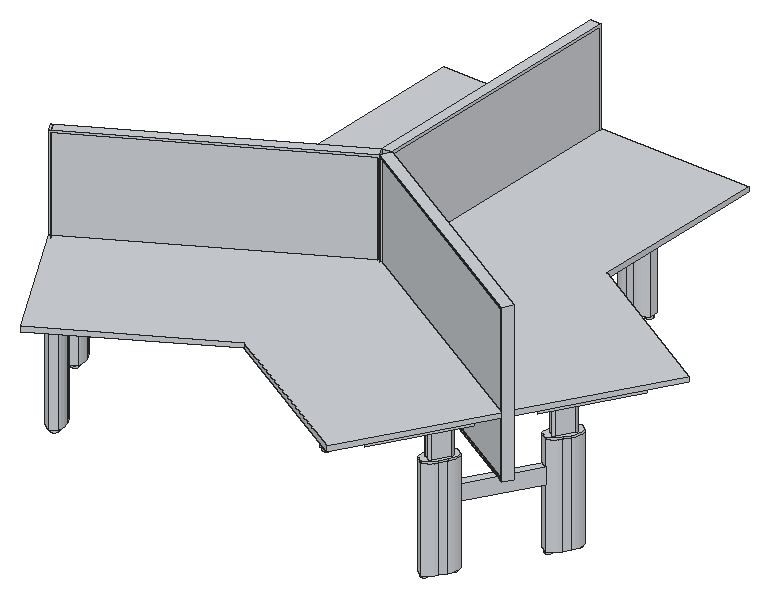
Revit family "3WayPod_08", category Furniture, Revit 2013
Parameters (values of type "1350Lx1350Lx750D, Z50@1200AFL")
  Worktop Length 3A = Worktop Length 1A  # 1350 mm
  Worktop Length 2A = Worktop Length 1A  # 1350 mm
  Worktop Length 1A = 1350 mm
  Worktop Depth 3B = Worktop Depth 1A  # 750 mm
  Worktop Depth 3A = Worktop Depth 1A  # 750 mm
  Worktop Depth 2B = Worktop Depth 1A  # 750 mm
  Worktop Depth 2A = Worktop Depth 1A  # 750 mm
  Worktop Depth 1B = Worktop Depth 1A  # 750 mm
  Worktop Depth 1A = 750 mm
  Worktop = none
  Workstation Frame = none
  Screen thickness 3 = Screen Thickness  # 50 mm
  Screen on/off [instance] = yes
  Screen Thickness 2 = Screen Thickness  # 50 mm
  Screen Thickness = 50 mm
  Screen Length = Worktop Length 1A - 13.2 mm  # 1336.8 mm
  Screen Height AFL = 1200 mm
  Screen Frame = none
  Screen Fabric = none
  Half Panel thickness = Screen Thickness / 2 - 3 mm  # 22 mm
  Half Panel Thickness Neg = -Screen Thickness / 2 + 3 mm  # -22 mm
  Half Acutal Screen Frame Thickness = -Screen Thickness / 2  # -25 mm
  Half Actual Screen Frame Thickness = Screen Thickness / 2  # 25 mm
  Glides, Top cap, Inner = none
  Auto Half Screen Thickness 3 = Screen Thickness / 2  # 25 mm
  Auto Half Screen Thickness 2 = Screen Thickness / 2  # 25 mm
  Auto Half Screen Thickness = Screen Thickness / 2  # 25 mm
Reference planes
  plane 1: z = 0
  plane 2 "Center (Left/Right)": x = 0
  plane 3 "Screen CL 1B 2A": through (0, -1434.717, 1200) normal (0.5, 0.866, 0)
  plane 4 "Screen CL 2B 3A": through (0, -1434.717, 1200) normal (0.5, -0.866, 0)
  plane 5: x = 27
  plane 6: x = -27
  plane 7: through (13.5, -1411.335, 1200) normal (0.5, 0.866, 0)
  plane 8: through (-13.5, -1458.1, 1200) normal (0.5, 0.866, 0)
  plane 9: through (-13.5, -1411.335, 1200) normal (0.5, -0.866, 0)
  plane 10: through (13.5, -1458.1, 1200) normal (0.5, -0.866, 0)
  plane 11: x = 777
  plane 12: x = -777
  plane 13: through (388.5, -761.816, 1200) normal (0.5, 0.866, 0)
  plane 14: through (-388.5, -2107.619, 1200) normal (0.5, 0.866, 0)
  plane 15: through (388.5, -2107.619, 1200) normal (0.5, -0.866, 0)
  plane 16: through (-388.5, -761.816, 1200) normal (0.5, -0.866, 0)
  plane 17: y = -1433.563
  plane 18: y = -83.563
  plane 19: through (0, -1437.027, 1200) normal (0.866, -0.5, 0)
  plane 20: through (1169.134, -2112.027, 1200) normal (0.866, -0.5, 0)
  plane 21: through (-2, -1433.563, 1200) normal (-0.866, -0.5, 0)
  plane 22: through (-1171.134, -2108.563, 1200) normal (-0.866, -0.5, 0)
  plane 23: y = -105.563
  plane 24: y = -203.563
  plane 25: through (2190.312, -299.295, 1200) normal (0.866, -0.5, 0)
  plane 26: through (2105.442, -250.295, 1200) normal (0.866, -0.5, 0)
  plane 27 "Top Support 1B": through (68, -1316.938, 1200) normal (0.5, 0.866, 0)
  plane 28: through (3191.322, 1440.505, -304.8) normal (0.866, -0.5, 0)
  plane 29: through (3111.648, 1486.505, -304.8) normal (0.866, -0.5, 0)
  plane 30 "Worktop Height": z = 695
  plane 31 "Inner Top Face": z = 692
  plane 32: z = 668
  plane 33: z = 651
  plane 34 "Top Support 2A": through (-68, -1552.497, 1200) normal (0.5, 0.866, 0)
  plane 35 "Top Support 3A": through (-68, -1316.938, 1200) normal (0.5, -0.866, 0)
  plane 36 "Top Support 2B": through (68, -1552.497, 1200) normal (0.5, -0.866, 0)
  plane 37 "Top Support 1A": x = 136
  plane 38 "Top Support 3B": x = -136
  plane 39: through (-64.823, -3980.75, -304.8) normal (-0.866, -0.5, 0)
  plane 40: through (20.047, -3931.75, -304.8) normal (-0.866, -0.5, 0)
  plane 41: through (-62.225, -3979.25, -304.8) normal (-0.866, -0.5, 0)
  plane 42: through (17.449, -3933.25, -304.8) normal (-0.866, -0.5, 0)
  plane 43: y = -200.563
  plane 44: y = -108.563
  plane 45: x = 211.4
  plane 46: x = -211.4
  plane 47: x = 320.4
  plane 48: x = -320.4
  plane 49: y = -154.563
  plane 50: y = -129.563
  plane 51: y = -179.563
  plane 52: x = 223.4
  plane 53: y = -141.563
  plane 54: y = -167.563
  plane 55: x = 308.4
  plane 56: x = -308.4
  plane 57: x = -223.4
  plane 58: through (2147.877, -274.795, 1200) normal (0.866, -0.5, 0)
  plane 59: through (2126.226, -262.295, 1200) normal (0.866, -0.5, 0)
  plane 60: through (2169.528, -287.295, 1200) normal (0.866, -0.5, 0)
  plane 61: through (105.7, -1251.64, 1200) normal (0.5, 0.866, 0)
  plane 62: through (160.2, -1157.243, 1200) normal (0.5, 0.866, 0)
  plane 63: through (154.2, -1167.635, 1200) normal (0.5, 0.866, 0)
  plane 64: through (2136.619, -268.295, 1200) normal (0.866, -0.5, 0)
  plane 65: through (2159.135, -281.295, 1200) normal (0.866, -0.5, 0)
  plane 66: through (111.7, -1241.247, 1200) normal (0.5, 0.866, 0)
  plane 67: through (-105.7, -1617.795, 1200) normal (0.5, 0.866, 0)
  plane 68: through (-160.2, -1712.192, 1200) normal (0.5, 0.866, 0)
  plane 69: through (-111.7, -1628.188, 1200) normal (0.5, 0.866, 0)
  plane 70: through (-154.2, -1701.8, 1200) normal (0.5, 0.866, 0)
  plane 71: through (-105.7, -1251.64, 1200) normal (0.5, -0.866, 0)
  plane 72: through (105.7, -1617.795, 1200) normal (0.5, -0.866, 0)
  plane 73: through (-160.2, -1157.243, 1200) normal (0.5, -0.866, 0)
  plane 74: through (160.2, -1712.192, 1200) normal (0.5, -0.866, 0)
  plane 75: through (-35.937, -3932.782, 1200) normal (-0.866, -0.5, 0)
  plane 76: through (-57.588, -3945.282, 1200) normal (-0.866, -0.5, 0)
  plane 77: through (-14.286, -3920.282, 1200) normal (-0.866, -0.5, 0)
  plane 78: through (-24.679, -3926.282, 1200) normal (-0.866, -0.5, 0)
  plane 79: through (-154.2, -1167.635, 1200) normal (0.5, -0.866, 0)
  plane 80: through (-47.195, -3939.282, 1200) normal (-0.866, -0.5, 0)
  plane 81: through (-111.7, -1241.247, 1200) normal (0.5, -0.866, 0)
  plane 82: through (111.7, -1628.188, 1200) normal (0.5, -0.866, 0)
  plane 83: through (154.2, -1701.8, 1200) normal (0.5, -0.866, 0)
  plane 84: y = -134.563
  plane 85: y = -174.563
  plane 86: x = 180.9
  plane 87: x = 350.9
  plane 88: x = 245.9
  plane 89: x = 285.9
  plane 90 "Bridge 1A 3B": x = -180.9
  plane 91: x = -350.9
  plane 92: x = -285.9
  plane 93: x = -245.9
  plane 94: y = -110.563
  plane 95: y = -198.563
  plane 96 "Top Cap": z = 536.5
  plane 97: through (2109.772, -252.795, 1200) normal (0.866, -0.5, 0)
  plane 98: through (2185.982, -296.795, 1200) normal (0.866, -0.5, 0)
  plane 99 "Bridge 1B 2A": through (90.45, -1278.053, 1200) normal (0.5, 0.866, 0)
  plane 100: through (175.45, -1130.829, 1200) normal (0.5, 0.866, 0)
  plane 101: through (142.95, -1187.121, 1200) normal (0.5, 0.866, 0)
  plane 102: through (122.95, -1221.762, 1200) normal (0.5, 0.866, 0)
  plane 103: through (-175.45, -1738.606, 1200) normal (0.5, 0.866, 0)
  plane 104: through (-90.45, -1591.381, 1200) normal (0.5, 0.866, 0)
  plane 105: through (-122.95, -1647.673, 1200) normal (0.5, 0.866, 0)
  plane 106: through (-142.95, -1682.314, 1200) normal (0.5, 0.866, 0)
  plane 107 "Bridge 2B 3A": through (90.45, -1591.381, 1200) normal (0.5, -0.866, 0)
  plane 108: through (175.45, -1738.606, 1200) normal (0.5, -0.866, 0)
  plane 109: through (122.95, -1647.673, 1200) normal (0.5, -0.866, 0)
  plane 110: through (142.95, -1682.314, 1200) normal (0.5, -0.866, 0)
  plane 111: through (-175.45, -1130.829, 1200) normal (0.5, -0.866, 0)
  plane 112: through (-90.45, -1278.053, 1200) normal (0.5, -0.866, 0)
  plane 113: through (-142.95, -1187.121, 1200) normal (0.5, -0.866, 0)
  plane 114: through (-122.95, -1221.762, 1200) normal (0.5, -0.866, 0)
  plane 115: through (2.168, -3910.782, 1200) normal (-0.866, -0.5, 0)
  plane 116: through (-74.042, -3954.782, 1200) normal (-0.866, -0.5, 0)
  plane 117: through (-18.617, -3922.782, 1200) normal (-0.866, -0.5, 0)
  plane 118: through (-53.258, -3942.782, 1200) normal (-0.866, -0.5, 0)
  plane 119: through (2165.197, -284.795, 1200) normal (0.866, -0.5, 0)
  plane 120: through (2130.556, -264.795, 1200) normal (0.866, -0.5, 0)
  plane 121 "Leg Extrusion": z = 528
  plane 122 "Glides": z = 14
  plane 123: x = 265.9
  plane 124: x = -265.9
  plane 125: x = -328.9
  plane 126: x = -202.9
  plane 127: x = 202.9
  plane 128: x = 328.9
  plane 129: through (132.95, -1204.441, 1200) normal (0.5, 0.866, 0)
  plane 130: through (-132.95, -1664.994, 1200) normal (0.5, 0.866, 0)
  plane 131: through (101.45, -1259.001, 1200) normal (0.5, 0.866, 0)
  plane 132: through (164.45, -1149.882, 1200) normal (0.5, 0.866, 0)
  plane 133: through (-164.45, -1719.553, 1200) normal (0.5, 0.866, 0)
  plane 134: through (-101.45, -1610.434, 1200) normal (0.5, 0.866, 0)
  plane 135: through (-132.95, -1204.441, 1200) normal (0.5, -0.866, 0)
  plane 136: through (132.95, -1664.994, 1200) normal (0.5, -0.866, 0)
  plane 137: through (164.45, -1719.553, 1200) normal (0.5, -0.866, 0)
  plane 138: through (101.45, -1610.434, 1200) normal (0.5, -0.866, 0)
  plane 139: through (-164.45, -1149.882, 1200) normal (0.5, -0.866, 0)
  plane 140: through (-101.45, -1259.001, 1200) normal (0.5, -0.866, 0)
  plane 141 "Screen Base": z = 400
  plane 142: through (0, -1434.717, 1200) normal (-0.5, -0.866, 0)
  plane 143: through (-19.298, -1445.043, 1200) normal (-0.866, 0.5, 0)
  plane 144: through (0, -1434.717, 1200) normal (-0.5, 0.866, 0)
  plane 145: through (10.003, -1428.942, 1200) normal (0.866, 0.5, 0)
  plane 146: x = 0
  plane 147: y = -1446.267
  plane 148: through (10, -1417.397, 1200) normal (-0.5, -0.866, 0)
  plane 149: through (-10, -1452.038, 1200) normal (-0.5, -0.866, 0)
  plane 150: through (-10, -1417.397, 1200) normal (-0.5, 0.866, 0)
  plane 151: through (10, -1452.038, 1200) normal (-0.5, 0.866, 0)
  plane 152: x = 20
  plane 153: x = -20
  plane 154 "Mid Top Support 1": through (127.753, -1302.892, 1200) normal (0.866, 0.5, 0)
  plane 155 "Mid Top Support 3": through (-162.193, -1362.543, 1200) normal (-0.866, 0.5, 0)
  plane 156 "Mid Top Support 2": y = -1611.267
  plane 157: through (5663.167, 1778.333, 2438.4) normal (-0.5, 0.866, 0)
  plane 158: through (5614.167, 1863.203, 2438.4) normal (-0.5, 0.866, 0)
  plane 159: through (5661.667, 1780.931, 2438.4) normal (-0.5, 0.866, 0)
  plane 160: through (5615.667, 1860.605, 2438.4) normal (-0.5, 0.866, 0)
  plane 161: x = -49
  plane 162: x = 49
  plane 163: x = -46
  plane 164: x = 46
  plane 165: through (-2626.626, 138.346, 2438.4) normal (-0.5, -0.866, 0)
  plane 166: through (-2675.626, 53.476, 2438.4) normal (-0.5, -0.866, 0)
  plane 167: through (-2674.126, 56.074, 2438.4) normal (-0.5, -0.866, 0)
  plane 168: through (-2628.126, 135.748, 2438.4) normal (-0.5, -0.866, 0)
  plane 169: z = 692
  plane 170: z = 651
  plane 171: through (-1229.904, -3061.074, 1200) normal (-0.866, 0.5, 0)
  plane 172: through (-557.805, 35.329, 1200) normal (0.866, 0.5, 0)
  plane 173: y = -1686.667
  plane 174: through (-1324.301, -3006.574, 1200) normal (-0.866, 0.5, 0)
  plane 175: through (-463.408, 89.829, 1200) normal (0.866, 0.5, 0)
  plane 176: y = -1795.667
  plane 177: through (12.5, -1413.067, 1200) normal (-0.5, -0.866, 0)
  plane 178: through (-12.5, -1456.368, 1200) normal (-0.5, -0.866, 0)
  plane 179: through (12.5, -1456.368, 1200) normal (-0.5, 0.866, 0)
  plane 180: through (-12.5, -1413.067, 1200) normal (-0.5, 0.866, 0)
  plane 181: x = 25
  plane 182: x = -25
  plane 183: through (-6.5, -1423.459, 1200) normal (-0.5, 0.866, 0)
  plane 184: through (6.5, -1445.976, 1200) normal (-0.5, 0.866, 0)
  plane 185: x = -13
  plane 186: x = 13
  plane 187: through (-6.5, -1445.976, 1200) normal (-0.5, -0.866, 0)
  plane 188: through (6.5, -1423.459, 1200) normal (-0.5, -0.866, 0)
  plane 189: through (-1313.909, -3012.574, 1200) normal (-0.866, 0.5, 0)
  plane 190: through (-1240.297, -3055.074, 1200) normal (-0.866, 0.5, 0)
  plane 191: through (-547.413, 41.329, 1200) normal (0.866, 0.5, 0)
  plane 192: through (-473.8, 83.829, 1200) normal (0.866, 0.5, 0)
  plane 193: y = -1698.667
  plane 194: y = -1783.667
  plane 195: through (-22, -1396.612, 1200) normal (-0.5, 0.866, 0)
  plane 196: through (22, -1472.823, 1200) normal (-0.5, 0.866, 0)
  plane 197: through (22, -1396.612, 1200) normal (-0.5, -0.866, 0)
  plane 198: through (-22, -1472.823, 1200) normal (-0.5, -0.866, 0)
  plane 199: x = 44
  plane 200: x = -44
  plane 201: through (-1203.49, -3076.324, 1200) normal (-0.866, 0.5, 0)
  plane 202: through (-1350.715, -2991.324, 1200) normal (-0.866, 0.5, 0)
  plane 203: through (-584.219, 20.079, 1200) normal (0.866, 0.5, 0)
  plane 204: through (-436.994, 105.079, 1200) normal (0.866, 0.5, 0)
  plane 205: y = -1656.167
  plane 206: y = -1826.167
  plane 207: through (-1294.423, -3023.824, 1200) normal (-0.866, 0.5, 0)
  plane 208: through (-1259.782, -3043.824, 1200) normal (-0.866, 0.5, 0)
  plane 209: through (-527.927, 52.579, 1200) normal (0.866, 0.5, 0)
  plane 210: through (-493.286, 72.579, 1200) normal (0.866, 0.5, 0)
  plane 211: y = -1721.167
  plane 212: y = -1761.167
  plane 213: y = -1741.167
  plane 214: through (-1277.103, -3033.824, 1200) normal (-0.866, 0.5, 0)
  plane 215: through (-510.607, 62.579, 1200) normal (0.866, 0.5, 0)
  plane 216: through (-456.047, 94.079, 1200) normal (0.866, 0.5, 0)
  plane 217: through (-565.166, 31.079, 1200) normal (0.866, 0.5, 0)
  plane 218: through (-1331.662, -3002.324, 1200) normal (-0.866, 0.5, 0)
  plane 219: through (-1222.543, -3065.324, 1200) normal (-0.866, 0.5, 0)
  plane 220: y = -1678.167
  plane 221: y = -1804.167
  plane 222 "Screen Frame 1": through (12.5, -1413.067, 1200) normal (0.5, 0.866, 0)
  plane 223: through (-12.5, -1456.368, 1200) normal (0.5, 0.866, 0)
  plane 224: x = 25
  plane 225 "Screen Frame 3": x = -25
  plane 226: through (-12.5, -1413.067, 1200) normal (0.5, -0.866, 0)
  plane 227 "Screen Frame 2": through (12.5, -1456.368, 1200) normal (0.5, -0.866, 0)
  plane 228: z = 1200
Forms (mm)
  Extrusion 1, solid, material <- "Worktop"
    sketch origin (0, 0, 695) x (-1, 0, 0) y (0, -1, 0)
      loop
        line (-27, 83.563) -> (-27, 1419.129) -> (-1183.634, 2086.912) -> (-1558.634, 1437.393) -> (-777, 986.116) -> (-777, 83.563) -> (-27, 83.563)
      loop
        line (777, 83.563) -> (777, 986.116) -> (1558.634, 1437.393) -> (1183.634, 2086.912) -> (27, 1419.129) -> (27, 83.563) -> (777, 83.563)
      loop
        line (1156.634, 2133.678) -> (781.634, 2783.197) -> (0, 2331.92) -> (-781.634, 2783.197) -> (-1156.634, 2133.678) -> (0, 1465.894) -> (1156.634, 2133.678)
    from 0 to 25
  Extrusion 2, solid, material <- "Workstation Frame"
    sketch origin (-553.251, -958.259, 0) x (-0.866025, 0.5, 0) y (0, 0, 1)
      loop
        line (-2046.513, 668) -> (-2043.513, 668) -> (-2043.513, 692) -> (-1951.513, 692) -> (-1951.513, 651) -> (-1948.513, 651) -> (-1948.513, 695) -> (-2046.513, 695) -> (-2046.513, 668)
    from 0 to 466
  Extrusion 3, solid, material <- "Workstation Frame"
    sketch origin (-689.251, -1193.818, 0) x (-0.866025, 0.5, 0) y (0, 0, 1)
      loop
        line (-2046.513, 668) -> (-2043.513, 668) -> (-2043.513, 692) -> (-1951.513, 692) -> (-1951.513, 651) -> (-1948.513, 651) -> (-1948.513, 695) -> (-2046.513, 695) -> (-2046.513, 668)
    from 0 to -466
  Extrusion 4, solid, material <- "Workstation Frame"
    sketch origin (689.251, -1193.818, 0) x (0.866025, 0.5, 0) y (0, 0, 1)
      loop
        line (-2046.513, 668) -> (-2043.513, 668) -> (-2043.513, 692) -> (-1951.513, 692) -> (-1951.513, 651) -> (-1948.513, 651) -> (-1948.513, 695) -> (-2046.513, 695) -> (-2046.513, 668)
    from 0 to 466
  Extrusion 5, solid, material <- "Workstation Frame"
    sketch origin (553.251, -958.259, 0) x (0.866025, 0.5, 0) y (0, 0, 1)
      loop
        line (-2046.513, 668) -> (-2043.513, 668) -> (-2043.513, 692) -> (-1951.513, 692) -> (-1951.513, 651) -> (-1948.513, 651) -> (-1948.513, 695) -> (-2046.513, 695) -> (-2046.513, 668)
    from 0 to -466
  Extrusion 6, solid, material <- "Workstation Frame"
    sketch origin (-136, 0, 0) x (0, 1, 0) y (0, 0, 1)
      loop
        line (-105.563, 668) -> (-105.563, 695) -> (-203.563, 695) -> (-203.563, 651) -> (-200.563, 651) -> (-200.563, 692) -> (-108.563, 692) -> (-108.563, 668) -> (-105.563, 668)
    from 0 to -466
  Extrusion 7, solid, material <- "Workstation Frame"
    sketch origin (136, 0, 0) x (0, 1, 0) y (0, 0, 1)
      loop
        line (-105.563, 668) -> (-105.563, 695) -> (-203.563, 695) -> (-203.563, 651) -> (-200.563, 651) -> (-200.563, 692) -> (-108.563, 692) -> (-108.563, 668) -> (-105.563, 668)
    from 0 to 466
  Extrusion 8, solid, material <- "Glides, Top cap, Inner"
    sketch origin (0, 0, 692) x (0.866025, -0.5, 0) y (0.5, 0.866025, 0)
      loop
        arc (-202.301, -266.405) -> (-207.892, -273.691) -> (-206.693, -282.797) r 12
        line (-206.693, -282.797) -> (-193.693, -305.314)
        arc (-193.693, -305.314) -> (-186.407, -310.905) -> (-177.301, -309.706) r 12
        line (-177.301, -309.706) -> (-103.689, -267.206)
        arc (-103.689, -267.206) -> (-98.098, -259.919) -> (-99.296, -250.814) r 12
        line (-99.296, -250.814) -> (-112.296, -228.297)
        arc (-112.296, -228.297) -> (-119.583, -222.706) -> (-128.689, -223.905) r 12
        line (-128.689, -223.905) -> (-202.301, -266.405)
      loop
        arc (258.251, -0.505) -> (252.66, -7.791) -> (253.859, -16.897) r 12
        line (253.859, -16.897) -> (266.859, -39.414)
        arc (266.859, -39.414) -> (274.146, -45.005) -> (283.251, -43.806) r 12
        line (283.251, -43.806) -> (356.864, -1.306)
        arc (356.864, -1.306) -> (362.455, 5.981) -> (361.256, 15.086) r 12
        line (361.256, 15.086) -> (348.256, 37.603)
        arc (348.256, 37.603) -> (340.969, 43.194) -> (331.864, 41.995) r 12
        line (331.864, 41.995) -> (258.251, -0.505)
    from 0 to -155.5
  Extrusion 9, solid, material <- "Glides, Top cap, Inner"
    sketch origin (0, 0, 692) x (0.866025, -0.5, 0) y (0.5, 0.866025, 0)
      loop
        arc (1972.513, -1550.902) -> (1976.028, -1559.387) -> (1984.513, -1562.902) r 12
        line (1984.513, -1562.902) -> (2010.513, -1562.902)
        arc (2010.513, -1562.902) -> (2018.999, -1559.387) -> (2022.513, -1550.902) r 12
        line (2022.513, -1550.902) -> (2022.513, -1465.902)
        arc (2022.513, -1465.902) -> (2018.999, -1457.416) -> (2010.513, -1453.902) r 12
        line (2010.513, -1453.902) -> (1984.513, -1453.902)
        arc (1984.513, -1453.902) -> (1976.028, -1457.416) -> (1972.513, -1465.902) r 12
        line (1972.513, -1465.902) -> (1972.513, -1550.902)
      loop
        arc (1972.513, -1019.102) -> (1976.028, -1027.587) -> (1984.513, -1031.102) r 12
        line (1984.513, -1031.102) -> (2010.513, -1031.102)
        arc (2010.513, -1031.102) -> (2018.999, -1027.587) -> (2022.513, -1019.102) r 12
        line (2022.513, -1019.102) -> (2022.513, -934.102)
        arc (2022.513, -934.102) -> (2018.999, -925.616) -> (2010.513, -922.102) r 12
        line (2010.513, -922.102) -> (1984.513, -922.102)
        arc (1984.513, -922.102) -> (1976.028, -925.616) -> (1972.513, -934.102) r 12
        line (1972.513, -934.102) -> (1972.513, -1019.102)
    from 0 to -155.5
  Extrusion 10, solid, material <- "Glides, Top cap, Inner"
    sketch origin (0, 0, 692) x (0.866025, -0.5, 0) y (0.5, 0.866025, 0)
      loop
        line (258.251, -2484.499) -> (331.864, -2526.999)
        arc (331.864, -2526.999) -> (340.969, -2528.198) -> (348.256, -2522.607) r 12
        line (348.256, -2522.607) -> (361.256, -2500.09)
        arc (361.256, -2500.09) -> (362.455, -2490.984) -> (356.864, -2483.698) r 12
        line (356.864, -2483.698) -> (283.251, -2441.198)
        arc (283.251, -2441.198) -> (274.146, -2439.999) -> (266.859, -2445.59) r 12
        line (266.859, -2445.59) -> (253.859, -2468.107)
        arc (253.859, -2468.107) -> (252.66, -2477.212) -> (258.251, -2484.499) r 12
      loop
        line (-193.693, -2179.69) -> (-206.693, -2202.207)
        arc (-206.693, -2202.207) -> (-207.892, -2211.312) -> (-202.301, -2218.599) r 12
        line (-202.301, -2218.599) -> (-128.689, -2261.099)
        arc (-128.689, -2261.099) -> (-119.583, -2262.298) -> (-112.296, -2256.707) r 12
        line (-112.296, -2256.707) -> (-99.296, -2234.19)
        arc (-99.296, -2234.19) -> (-98.098, -2225.084) -> (-103.689, -2217.798) r 12
        line (-103.689, -2217.798) -> (-177.301, -2175.298)
        arc (-177.301, -2175.298) -> (-186.407, -2174.099) -> (-193.693, -2179.69) r 12
    from 0 to -155.5
  Extrusion 11, solid, material <- "Glides, Top cap, Inner"
    sketch origin (0, 0, 536.5) x (-1, 0, 0) y (0, -1, 0)
      loop
        arc (-245.9, 110.563) -> (-211.255, 116.754) -> (-180.9, 134.563) r 100.021
        line (-180.9, 134.563) -> (-180.9, 174.563)
        arc (-180.9, 174.563) -> (-211.255, 192.371) -> (-245.9, 198.563) r 100.021
        line (-245.9, 198.563) -> (-285.9, 198.563)
        arc (-285.9, 198.563) -> (-320.545, 192.371) -> (-350.9, 174.563) r 100.021
        line (-350.9, 174.563) -> (-350.9, 134.563)
        arc (-350.9, 134.563) -> (-320.545, 116.754) -> (-285.9, 110.563) r 100.021
        line (-285.9, 110.563) -> (-245.9, 110.563)
      loop
        arc (285.9, 110.563) -> (320.545, 116.754) -> (350.9, 134.563) r 100.021
        line (350.9, 134.563) -> (350.9, 174.563)
        arc (350.9, 174.563) -> (320.545, 192.371) -> (285.9, 198.563) r 100.021
        line (285.9, 198.563) -> (245.9, 198.563)
        arc (245.9, 198.563) -> (211.255, 192.371) -> (180.9, 174.563) r 100.021
        line (180.9, 174.563) -> (180.9, 134.563)
        arc (180.9, 134.563) -> (211.255, 116.754) -> (245.9, 110.563) r 100.021
        line (245.9, 110.563) -> (285.9, 110.563)
    from 0 to -8.5
  Extrusion 12, solid, material <- "Glides, Top cap, Inner"
    sketch origin (0, 0, 536.5) x (-1, 0, 0) y (0, -1, 0)
      loop
        arc (-1193.491, 1839.839) -> (-1181.531, 1872.938) -> (-1181.776, 1908.131) r 100.021
        line (-1181.776, 1908.131) -> (-1216.417, 1928.131)
        arc (-1216.417, 1928.131) -> (-1247.017, 1910.746) -> (-1269.702, 1883.839) r 100.021
        line (-1269.702, 1883.839) -> (-1289.702, 1849.198)
        arc (-1289.702, 1849.198) -> (-1301.662, 1816.099) -> (-1301.417, 1780.907) r 100.021
        line (-1301.417, 1780.907) -> (-1266.776, 1760.907)
        arc (-1266.776, 1760.907) -> (-1236.176, 1778.291) -> (-1213.491, 1805.198) r 100.021
        line (-1213.491, 1805.198) -> (-1193.491, 1839.839)
      loop
        arc (-927.591, 2300.391) -> (-915.631, 2333.49) -> (-915.876, 2368.683) r 100.021
        line (-915.876, 2368.683) -> (-950.517, 2388.683)
        arc (-950.517, 2388.683) -> (-981.117, 2371.299) -> (-1003.802, 2344.391) r 100.021
        line (-1003.802, 2344.391) -> (-1023.802, 2309.75)
        arc (-1023.802, 2309.75) -> (-1035.762, 2276.652) -> (-1035.517, 2241.459) r 100.021
        line (-1035.517, 2241.459) -> (-1000.876, 2221.459)
        arc (-1000.876, 2221.459) -> (-970.276, 2238.843) -> (-947.591, 2265.75) r 100.021
        line (-947.591, 2265.75) -> (-927.591, 2300.391)
    from 0 to -8.5
  Extrusion 13, solid, material <- "Glides, Top cap, Inner"
    sketch origin (0, 0, 536.5) x (-1, 0, 0) y (0, -1, 0)
      loop
        line (1193.491, 1839.839) -> (1213.491, 1805.198)
        arc (1213.491, 1805.198) -> (1236.176, 1778.291) -> (1266.776, 1760.907) r 100.021
        line (1266.776, 1760.907) -> (1301.417, 1780.907)
        arc (1301.417, 1780.907) -> (1301.662, 1816.099) -> (1289.702, 1849.198) r 100.021
        line (1289.702, 1849.198) -> (1269.702, 1883.839)
        arc (1269.702, 1883.839) -> (1247.017, 1910.746) -> (1216.417, 1928.131) r 100.021
        line (1216.417, 1928.131) -> (1181.776, 1908.131)
        arc (1181.776, 1908.131) -> (1181.531, 1872.938) -> (1193.491, 1839.839) r 100.021
      loop
        arc (947.591, 2265.75) -> (970.276, 2238.843) -> (1000.876, 2221.459) r 100.021
        line (1000.876, 2221.459) -> (1035.517, 2241.459)
        arc (1035.517, 2241.459) -> (1035.762, 2276.652) -> (1023.802, 2309.75) r 100.021
        line (1023.802, 2309.75) -> (1003.802, 2344.391)
        arc (1003.802, 2344.391) -> (981.117, 2371.299) -> (950.517, 2388.683) r 100.021
        line (950.517, 2388.683) -> (915.876, 2368.683)
        arc (915.876, 2368.683) -> (915.631, 2333.49) -> (927.591, 2300.391) r 100.021
        line (927.591, 2300.391) -> (947.591, 2265.75)
    from 0 to -8.5
  Extrusion 14, solid, material <- "Workstation Frame"
    sketch origin (0, 0, 528) x (-1, 0, 0) y (0, -1, 0)
      loop
        arc (-180.9, 174.563) -> (-211.255, 192.371) -> (-245.9, 198.563) r 100.021
        line (-245.9, 198.563) -> (-285.9, 198.563)
        arc (-285.9, 198.563) -> (-320.545, 192.371) -> (-350.9, 174.563) r 100.021
        line (-350.9, 174.563) -> (-350.9, 134.563)
        arc (-350.9, 134.563) -> (-320.545, 116.754) -> (-285.9, 110.563) r 100.021
        line (-285.9, 110.563) -> (-245.9, 110.563)
        arc (-245.9, 110.563) -> (-211.255, 116.754) -> (-180.9, 134.563) r 100.021
        line (-180.9, 134.563) -> (-180.9, 174.563)
      loop
        arc (285.9, 110.563) -> (320.545, 116.754) -> (350.9, 134.563) r 100.021
        line (350.9, 134.563) -> (350.9, 174.563)
        arc (350.9, 174.563) -> (320.545, 192.371) -> (285.9, 198.563) r 100.021
        line (285.9, 198.563) -> (245.9, 198.563)
        arc (245.9, 198.563) -> (211.255, 192.371) -> (180.9, 174.563) r 100.021
        line (180.9, 174.563) -> (180.9, 134.563)
        arc (180.9, 134.563) -> (211.255, 116.754) -> (245.9, 110.563) r 100.021
        line (245.9, 110.563) -> (285.9, 110.563)
    from 0 to -514
  Extrusion 15, solid, material <- "Workstation Frame"
    sketch origin (0, 0, 528) x (-1, 0, 0) y (0, -1, 0)
      loop
        arc (-1266.776, 1760.907) -> (-1236.176, 1778.291) -> (-1213.491, 1805.198) r 100.021
        line (-1213.491, 1805.198) -> (-1193.491, 1839.839)
        arc (-1193.491, 1839.839) -> (-1181.531, 1872.938) -> (-1181.776, 1908.131) r 100.021
        line (-1181.776, 1908.131) -> (-1216.417, 1928.131)
        arc (-1216.417, 1928.131) -> (-1247.017, 1910.746) -> (-1269.702, 1883.839) r 100.021
        line (-1269.702, 1883.839) -> (-1289.702, 1849.198)
        arc (-1289.702, 1849.198) -> (-1301.662, 1816.099) -> (-1301.417, 1780.907) r 100.021
        line (-1301.417, 1780.907) -> (-1266.776, 1760.907)
      loop
        arc (-1000.876, 2221.459) -> (-970.276, 2238.843) -> (-947.591, 2265.75) r 100.021
        line (-947.591, 2265.75) -> (-927.591, 2300.391)
        arc (-927.591, 2300.391) -> (-915.631, 2333.49) -> (-915.876, 2368.683) r 100.021
        line (-915.876, 2368.683) -> (-950.517, 2388.683)
        arc (-950.517, 2388.683) -> (-981.117, 2371.299) -> (-1003.802, 2344.391) r 100.021
        line (-1003.802, 2344.391) -> (-1023.802, 2309.75)
        arc (-1023.802, 2309.75) -> (-1035.762, 2276.652) -> (-1035.517, 2241.459) r 100.021
        line (-1035.517, 2241.459) -> (-1000.876, 2221.459)
    from 0 to -514
  Extrusion 16, solid, material <- "Workstation Frame"
    sketch origin (0, 0, 528) x (-1, 0, 0) y (0, -1, 0)
      loop
        arc (1035.517, 2241.459) -> (1035.762, 2276.652) -> (1023.802, 2309.75) r 100.021
        line (1023.802, 2309.75) -> (1003.802, 2344.391)
        arc (1003.802, 2344.391) -> (981.117, 2371.299) -> (950.517, 2388.683) r 100.021
        line (950.517, 2388.683) -> (915.876, 2368.683)
        arc (915.876, 2368.683) -> (915.631, 2333.49) -> (927.591, 2300.391) r 100.021
        line (927.591, 2300.391) -> (947.591, 2265.75)
        arc (947.591, 2265.75) -> (970.276, 2238.843) -> (1000.876, 2221.459) r 100.021
        line (1000.876, 2221.459) -> (1035.517, 2241.459)
      loop
        arc (1301.417, 1780.907) -> (1301.662, 1816.099) -> (1289.702, 1849.198) r 100.021
        line (1289.702, 1849.198) -> (1269.702, 1883.839)
        arc (1269.702, 1883.839) -> (1247.017, 1910.746) -> (1216.417, 1928.131) r 100.021
        line (1216.417, 1928.131) -> (1181.776, 1908.131)
        arc (1181.776, 1908.131) -> (1181.531, 1872.938) -> (1193.491, 1839.839) r 100.021
        line (1193.491, 1839.839) -> (1213.491, 1805.198)
        arc (1213.491, 1805.198) -> (1236.176, 1778.291) -> (1266.776, 1760.907) r 100.021
        line (1266.776, 1760.907) -> (1301.417, 1780.907)
    from 0 to -514
  Extrusion 17, solid, material <- "Glides, Top cap, Inner"
    sketch origin (0, 0, 14) x (-1, 0, 0) y (0, -1, 0)
      loop
        circle (202.9, 154.563) r 11
      loop
        circle (328.9, 154.563) r 11
      loop
        circle (-202.9, 154.563) r 11
      loop
        circle (-328.9, 154.563) r 11
    from 0 to -7
  Extrusion 18, solid, material <- "Glides, Top cap, Inner"
    sketch origin (0, 0, 14) x (-1, 0, 0) y (0, -1, 0)
      loop
        circle (-1273.096, 1789.959) r 11
      loop
        circle (-1210.096, 1899.078) r 11
      loop
        circle (-1007.196, 2250.511) r 11
      loop
        circle (-944.196, 2359.631) r 11
    from 0 to -7
  Extrusion 19, solid, material <- "Glides, Top cap, Inner"
    sketch origin (0, 0, 14) x (-1, 0, 0) y (0, -1, 0)
      loop
        circle (1273.096, 1789.959) r 11
      loop
        circle (1210.096, 1899.078) r 11
      loop
        circle (1007.196, 2250.511) r 11
      loop
        circle (944.196, 2359.631) r 11
    from 0 to -7
  Extrusion 20, solid, material <- "Glides, Top cap, Inner"
    sketch origin (0, 0, 0) x (1, 0, 0) y (0, 1, 0)
      loop
        circle (328.9, -154.563) r 19
      loop
        circle (202.9, -154.563) r 19
      loop
        circle (-202.9, -154.563) r 19
      loop
        circle (-328.9, -154.563) r 19
      loop
        circle (-1273.096, -1789.959) r 19
      loop
        circle (-1210.096, -1899.078) r 19
      loop
        circle (-1007.196, -2250.511) r 19
      loop
        circle (-944.196, -2359.631) r 19
      loop
        circle (944.196, -2359.631) r 19
      loop
        circle (1007.196, -2250.511) r 19
      loop
        circle (1210.096, -1899.078) r 19
      loop
        circle (1273.096, -1789.959) r 19
    from 0 to 7
  Extrusion 21, solid, material <- "Workstation Frame"
    sketch origin (0, 0, 400) x (-1, 0, 0) y (0, -1, 0)
      loop
        line (1216.417, 1928.131) -> (1035.517, 2241.459) -> (1000.876, 2221.459) -> (1181.776, 1908.131) -> (1216.417, 1928.131)
      loop
        line (-1000.876, 2221.459) -> (-1035.517, 2241.459) -> (-1216.417, 1928.131) -> (-1181.776, 1908.131) -> (-1000.876, 2221.459)
      loop
        line (180.9, 134.563) -> (180.9, 174.563) -> (-180.9, 174.563) -> (-180.9, 134.563) -> (180.9, 134.563)
    from 0 to -80
  Extrusion 22, solid, material <- "Workstation Frame"
    sketch origin (0, 0, 400) x (-1, 0, 0) y (0, -1, 0)
      loop
        line (20.003, 1446.263) -> (0.003, 1411.622) -> (181.868, 1306.622) -> (201.868, 1341.263) -> (20.003, 1446.263)
    from 0 to -80
  Extrusion 23, solid, material <- "Workstation Frame"
    sketch origin (0, 0, 400) x (-1, 0, 0) y (0, -1, 0)
      loop
        line (-0.003, 1411.622) -> (-20.003, 1446.263) -> (-201.868, 1341.263) -> (-181.868, 1306.622) -> (-0.003, 1411.622)
    from 0 to -80
  Extrusion 24, solid, material <- "Workstation Frame"
    sketch origin (0, 0, 400) x (-1, 0, 0) y (0, -1, 0)
      loop
        line (20, 1446.267) -> (20, 1656.267) -> (-20, 1656.267) -> (-20, 1446.267) -> (20, 1446.267)
    from 0 to -80
  Extrusion 25, solid, material <- "Workstation Frame"
    sketch origin (-468.354, -270.404, 0) x (-0.5, 0.866025, 0) y (0, 0, 1)
      loop
        line (-1291.502, 651) -> (-1288.502, 651) -> (-1288.502, 692) -> (-1196.502, 692) -> (-1196.502, 651) -> (-1193.502, 651) -> (-1193.502, 695) -> (-1291.502, 695) -> (-1291.502, 651)
    from 0 to 466
  Extrusion 26, solid, material <- "Workstation Frame"
    sketch origin (0, -1611.267, 0) x (1, 0, 0) y (0, 0, 1)
      loop
        line (-49, 651) -> (-46, 651) -> (-46, 692) -> (46, 692) -> (46, 651) -> (49, 651) -> (49, 695) -> (-49, 695) -> (-49, 651)
    from 0 to 466
  Extrusion 27, solid, material <- "Workstation Frame"
    sketch origin (468.354, -270.404, 0) x (-0.5, -0.866025, 0) y (0, 0, 1)
      loop
        line (1193.502, 651) -> (1196.502, 651) -> (1196.502, 692) -> (1288.502, 692) -> (1288.502, 651) -> (1291.502, 651) -> (1291.502, 695) -> (1193.502, 695) -> (1193.502, 651)
    from 0 to 466
  Extrusion 28, solid, material <- "Glides, Top cap, Inner"
    sketch origin (0, 0, 692) x (0.866025, -0.5, 0) y (0.5, 0.866025, 0)
      loop
        arc (832.075, -1467.197) -> (826.484, -1474.483) -> (827.683, -1483.589) r 12
        line (827.683, -1483.589) -> (870.183, -1557.201)
        arc (870.183, -1557.201) -> (877.47, -1562.792) -> (886.575, -1561.594) r 12
        line (886.575, -1561.594) -> (909.092, -1548.594)
        arc (909.092, -1548.594) -> (914.683, -1541.307) -> (913.484, -1532.201) r 12
        line (913.484, -1532.201) -> (870.984, -1458.589)
        arc (870.984, -1458.589) -> (863.698, -1452.998) -> (854.592, -1454.197) r 12
        line (854.592, -1454.197) -> (832.075, -1467.197)
    from 0 to -155.5
  Extrusion 29, solid, material <- "Glides, Top cap, Inner"
    sketch origin (0, 0, 692) x (0.866025, -0.5, 0) y (0.5, 0.866025, 0)
      loop
        arc (368.409, -1217.502) -> (359.923, -1221.016) -> (356.409, -1229.502) r 12
        line (356.409, -1229.502) -> (356.409, -1255.502)
        arc (356.409, -1255.502) -> (359.923, -1263.987) -> (368.409, -1267.502) r 12
        line (368.409, -1267.502) -> (453.409, -1267.502)
        arc (453.409, -1267.502) -> (461.894, -1263.987) -> (465.409, -1255.502) r 12
        line (465.409, -1255.502) -> (465.409, -1229.502)
        arc (465.409, -1229.502) -> (461.894, -1221.016) -> (453.409, -1217.502) r 12
        line (453.409, -1217.502) -> (368.409, -1217.502)
    from 0 to -155.5
  Extrusion 30, solid, material <- "Glides, Top cap, Inner"
    sketch origin (0, 0, 536.5) x (-1, 0, 0) y (0, -1, 0)
      loop
        arc (-226.073, 1253.387) -> (-199.166, 1276.072) -> (-181.781, 1306.672) r 100.021
        line (-181.781, 1306.672) -> (-201.781, 1341.313)
        arc (-201.781, 1341.313) -> (-236.974, 1341.558) -> (-270.073, 1329.598) r 100.021
        line (-270.073, 1329.598) -> (-304.714, 1309.598)
        arc (-304.714, 1309.598) -> (-331.621, 1286.913) -> (-349.006, 1256.313) r 100.021
        line (-349.006, 1256.313) -> (-329.006, 1221.672)
        arc (-329.006, 1221.672) -> (-293.813, 1221.427) -> (-260.714, 1233.387) r 100.021
        line (-260.714, 1233.387) -> (-226.073, 1253.387)
    from 0 to -8.5
  Extrusion 31, solid, material <- "Glides, Top cap, Inner"
    sketch origin (0, 0, 536.5) x (-1, 0, 0) y (0, -1, 0)
      loop
        arc (20, 1656.167) -> (37.808, 1686.523) -> (44, 1721.167) r 100.021
        line (44, 1721.167) -> (44, 1761.167)
        arc (44, 1761.167) -> (37.808, 1795.812) -> (20, 1826.167) r 100.021
        line (20, 1826.167) -> (-20, 1826.167)
        arc (-20, 1826.167) -> (-37.808, 1795.812) -> (-44, 1761.167) r 100.021
        line (-44, 1761.167) -> (-44, 1721.167)
        arc (-44, 1721.167) -> (-37.808, 1686.523) -> (-20, 1656.167) r 100.021
        line (-20, 1656.167) -> (20, 1656.167)
    from 0 to -8.5
  Extrusion 32, solid, material <- "Glides, Top cap, Inner"
    sketch origin (0, 0, 536.5) x (-1, 0, 0) y (0, -1, 0)
      loop
        arc (260.714, 1233.387) -> (293.813, 1221.427) -> (329.006, 1221.672) r 100.021
        line (329.006, 1221.672) -> (349.006, 1256.313)
        arc (349.006, 1256.313) -> (331.621, 1286.913) -> (304.714, 1309.598) r 100.021
        line (304.714, 1309.598) -> (270.073, 1329.598)
        arc (270.073, 1329.598) -> (236.974, 1341.558) -> (201.781, 1341.313) r 100.021
        line (201.781, 1341.313) -> (181.781, 1306.672)
        arc (181.781, 1306.672) -> (199.166, 1276.072) -> (226.073, 1253.387) r 100.021
        line (226.073, 1253.387) -> (260.714, 1233.387)
    from 0 to -8.5
  Extrusion 33, solid, material <- "Workstation Frame"
    sketch origin (0, 0, 528) x (-1, 0, 0) y (0, -1, 0)
      loop
        arc (349.006, 1256.313) -> (331.621, 1286.913) -> (304.714, 1309.598) r 100.021
        line (304.714, 1309.598) -> (270.073, 1329.598)
        arc (270.073, 1329.598) -> (236.974, 1341.558) -> (201.781, 1341.313) r 100.021
        line (201.781, 1341.313) -> (181.781, 1306.672)
        arc (181.781, 1306.672) -> (199.166, 1276.072) -> (226.073, 1253.387) r 100.021
        line (226.073, 1253.387) -> (260.714, 1233.387)
        arc (260.714, 1233.387) -> (293.813, 1221.427) -> (329.006, 1221.672) r 100.021
        line (329.006, 1221.672) -> (349.006, 1256.313)
    from 0 to -514
  Extrusion 34, solid, material <- "Workstation Frame"
    sketch origin (0, 0, 528) x (-1, 0, 0) y (0, -1, 0)
      loop
        arc (-329.006, 1221.672) -> (-293.813, 1221.427) -> (-260.714, 1233.387) r 100.021
        line (-260.714, 1233.387) -> (-226.073, 1253.387)
        arc (-226.073, 1253.387) -> (-199.166, 1276.072) -> (-181.781, 1306.672) r 100.021
        line (-181.781, 1306.672) -> (-201.781, 1341.313)
        arc (-201.781, 1341.313) -> (-236.974, 1341.558) -> (-270.073, 1329.598) r 100.021
        line (-270.073, 1329.598) -> (-304.714, 1309.598)
        arc (-304.714, 1309.598) -> (-331.621, 1286.913) -> (-349.006, 1256.313) r 100.021
        line (-349.006, 1256.313) -> (-329.006, 1221.672)
    from 0 to -514
  Extrusion 35, solid, material <- "Workstation Frame"
    sketch origin (0, 0, 528) x (-1, 0, 0) y (0, -1, 0)
      loop
        arc (20, 1656.167) -> (37.808, 1686.523) -> (44, 1721.167) r 100.021
        line (44, 1721.167) -> (44, 1761.167)
        arc (44, 1761.167) -> (37.808, 1795.812) -> (20, 1826.167) r 100.021
        line (20, 1826.167) -> (-20, 1826.167)
        arc (-20, 1826.167) -> (-37.808, 1795.812) -> (-44, 1761.167) r 100.021
        line (-44, 1761.167) -> (-44, 1721.167)
        arc (-44, 1721.167) -> (-37.808, 1686.523) -> (-20, 1656.167) r 100.021
        line (-20, 1656.167) -> (20, 1656.167)
    from 0 to -514
  Extrusion 36, solid, material <- "Glides, Top cap, Inner"
    sketch origin (0, 0, 14) x (-1, 0, 0) y (0, -1, 0)
      loop
        circle (-319.953, 1249.992) r 11
      loop
        circle (-210.834, 1312.992) r 11
      loop
        circle (210.834, 1312.992) r 11
      loop
        circle (319.953, 1249.992) r 11
      loop
        circle (0, 1678.167) r 11
      loop
        circle (0, 1804.167) r 11
    from 0 to -7
  Extrusion 37, solid, material <- "Glides, Top cap, Inner"
    sketch origin (0, 0, 0) x (1, 0, 0) y (0, 1, 0)
      loop
        circle (-319.953, -1249.992) r 19
      loop
        circle (-210.834, -1312.992) r 19
      loop
        circle (210.834, -1312.992) r 19
      loop
        circle (319.953, -1249.992) r 19
      loop
        circle (0, -1678.167) r 19
      loop
        circle (0, -1804.167) r 19
    from 0 to 7
  Extrusion 38, solid, material <- "Screen Frame", visible <- "Screen on/off"
    sketch origin (0, 0, 0) x (0, 1, 0) y (0, 0, 1)
      loop
        line (-1420.363, 1200) -> (-1420.363, 400) -> (-83.563, 400) -> (-83.563, 1200) -> (-1420.363, 1200)
      loop
        line (-1410.363, 1190) -> (-1410.363, 410) -> (-93.563, 410) -> (-93.563, 1190) -> (-1410.363, 1190)
    from -25 <- "Half Acutal Screen Frame Thickness" to 25 <- "Half Actual Screen Frame Thickness"
  Extrusion 39, solid, material <- "Glides, Top cap, Inner"
    sketch origin (0, 0, 692) x (0.866025, -0.5, 0) y (0.5, 0.866025, 0)
      loop
        line (870.183, -927.802) -> (827.683, -1001.414)
        arc (827.683, -1001.414) -> (826.484, -1010.52) -> (832.075, -1017.807) r 12
        line (832.075, -1017.807) -> (854.592, -1030.807)
        arc (854.592, -1030.807) -> (863.698, -1032.005) -> (870.984, -1026.414) r 12
        line (870.984, -1026.414) -> (913.484, -952.802)
        arc (913.484, -952.802) -> (914.683, -943.696) -> (909.092, -936.41) r 12
        line (909.092, -936.41) -> (886.575, -923.41)
        arc (886.575, -923.41) -> (877.47, -922.211) -> (870.183, -927.802) r 12
    from 0 to -155.5
  Extrusion 40, solid, material <- "Screen Frame", visible <- "Screen on/off"
    sketch origin (-621.251, -1076.038, 0) x (-0.866025, 0.5, 0) y (0, 0, 1)
      loop
        line (-2068.513, 1200) -> (-2068.513, 400) -> (-731.713, 400) -> (-731.713, 1200) -> (-2068.513, 1200)
      loop
        line (-2058.513, 1190) -> (-2058.513, 410) -> (-741.713, 410) -> (-741.713, 1190) -> (-2058.513, 1190)
    from -25 <- "Half Acutal Screen Frame Thickness" to 25 <- "Half Actual Screen Frame Thickness"
  Extrusion 41, solid, material <- "Screen Frame", visible <- "Screen on/off"
    sketch origin (621.251, -1076.038, 0) x (0.866025, 0.5, 0) y (0, 0, 1)
      loop
        line (-2068.513, 1200) -> (-2068.513, 400) -> (-731.713, 400) -> (-731.713, 1200) -> (-2068.513, 1200)
      loop
        line (-2058.513, 1190) -> (-2058.513, 410) -> (-741.713, 410) -> (-741.713, 1190) -> (-2058.513, 1190)
    from -25 <- "Half Acutal Screen Frame Thickness" to 25 <- "Half Actual Screen Frame Thickness"
  Extrusion 42, solid, material <- "Screen Fabric", visible <- "Screen on/off"
    sketch origin (0, 0, 0) x (0, 1, 0) y (0, 0, 1)
      loop
        line (-93.563, 1190) -> (-1410.363, 1190) -> (-1410.363, 410) -> (-93.563, 410) -> (-93.563, 1190)
    from -22 <- "Half Panel Thickness Neg" to 22 <- "Half Panel thickness"
  Extrusion 43, solid, material <- "Screen Fabric", visible <- "Screen on/off"
    sketch origin (-621.251, -1076.038, 0) x (-0.866025, 0.5, 0) y (0, 0, 1)
      loop
        line (-741.713, 1190) -> (-2058.513, 1190) -> (-2058.513, 400) -> (-741.713, 400) -> (-741.713, 1190)
    from -22 <- "Half Panel Thickness Neg" to 22 <- "Half Panel thickness"
  Extrusion 44, solid, material <- "Screen Fabric", visible <- "Screen on/off"
    sketch origin (621.251, -1076.038, 0) x (0.866025, 0.5, 0) y (0, 0, 1)
      loop
        line (-2058.513, 1190) -> (-2058.513, 410) -> (-741.713, 410) -> (-741.713, 1190) -> (-2058.513, 1190)
    from -22 <- "Half Panel Thickness Neg" to 22 <- "Half Panel thickness"
Dimensions and locks
  "Worktop Depth 3B": plane 12 to plane 6
  "Worktop Depth 1B": plane 13 to plane 7
  "Worktop Depth 2A": plane 8 to plane 14
  "Worktop Depth 2B": plane 15 to plane 10
  "Worktop Depth 3A": plane 9 to plane 16
  "Worktop Depth 1A": plane 5 to plane 11
  "Worktop Length 1A": plane 18 to plane 17
  "Worktop Length 2A": plane 20 to plane 19
  "Worktop Length 3A": plane 22 to plane 21
  locked: plane 18 to plane 23 at 22
  locked: plane 23 to plane 24 at 98
  locked: plane 20 to plane 25 at 22
  locked: plane 25 to plane 26 at 98
  locked: plane 27 "Top Support 1B" to plane 7 at 109
  locked: plane 28 to plane 25 at 3
  locked: plane 26 to plane 29 at 3
  locked: plane 30 "Worktop Height" to plane 31 "Inner Top Face" at 3
  locked: plane 30 "Worktop Height" to plane 32 at 27
  locked: plane 30 "Worktop Height" to plane 33 at 44
  locked: plane 8 to plane 34 "Top Support 2A" at 109
  locked: plane 9 to plane 35 "Top Support 3A" at 109
  locked: plane 36 "Top Support 2B" to plane 10 at 109
  locked: plane 38 "Top Support 3B" to plane 6 at 109
  locked: plane 5 to plane 37 "Top Support 1A" at 109
  locked: plane 39 to plane 41 at 3
  locked: plane 42 to plane 40 at 3
  locked: plane 39 to plane 40 at 98
  locked: plane 22 to plane 39 at 22
  locked: plane 24 to plane 43 at 3
  locked: plane 44 to plane 23 at 3
  locked: plane 37 "Top Support 1A" to plane 45 at 75.4
  locked: plane 46 to plane 38 "Top Support 3B" at 75.4
  locked: plane 48 to plane 46 at 109
  locked: plane 45 to plane 47 at 109
  locked: plane 23 to plane 49 at 49
  locked: plane 50 to plane 49 at 25
  locked: plane 49 to plane 51 at 25
  locked: plane 55 to plane 47 at 12
  locked: plane 45 to plane 52 at 12
  locked: plane 54 to plane 51 at 12
  locked: plane 50 to plane 53 at 12
  locked: plane 48 to plane 56 at 12
  locked: plane 57 to plane 46 at 12
  locked: plane 25 to plane 58 at 49
  locked: plane 60 to plane 58 at 25
  locked: plane 58 to plane 59 at 25
  locked: plane 61 to plane 27 "Top Support 1B" at 75.4
  locked: plane 62 to plane 61 at 109
  locked: plane 62 to plane 63 at 12
  locked: plane 66 to plane 61 at 12
  locked: plane 64 to plane 59 at 12
  locked: plane 60 to plane 65 at 12
  locked: plane 70 to plane 68 at 12
  locked: plane 67 to plane 69 at 12
  locked: plane 34 "Top Support 2A" to plane 67 at 75.4
  locked: plane 67 to plane 68 at 109
  locked: plane 35 "Top Support 3A" to plane 71 at 75.4
  locked: plane 71 to plane 73 at 109
  locked: plane 72 to plane 36 "Top Support 2B" at 75.4
  locked: plane 74 to plane 72 at 109
  locked: plane 39 to plane 75 at 49
  locked: plane 76 to plane 75 at 25
  locked: plane 75 to plane 77 at 25
  locked: plane 79 to plane 73 at 12
  locked: plane 71 to plane 81 at 12
  locked: plane 78 to plane 77 at 12
  locked: plane 76 to plane 80 at 12
  locked: plane 74 to plane 83 at 12
  locked: plane 82 to plane 72 at 12
  locked: plane 84 to plane 49 at 20
  locked: plane 49 to plane 85 at 20
  locked: plane 86 to plane 45 at 30.5
  locked: plane 47 to plane 87 at 30.5
  locked: plane 86 to plane 88 at 65
  locked: plane 89 to plane 87 at 65
  locked: plane 46 to plane 90 "Bridge 1A 3B" at 30.5
  locked: plane 91 to plane 48 at 30.5
  locked: plane 91 to plane 92 at 65
  locked: plane 93 to plane 90 "Bridge 1A 3B" at 65
  locked: plane 94 to plane 49 at 44
  locked: plane 49 to plane 95 at 44
  locked: plane 31 "Inner Top Face" to plane 96 "Top Cap" at 155.5
  locked: plane 58 to plane 97 at 44
  locked: plane 98 to plane 58 at 44
  locked: plane 61 to plane 99 "Bridge 1B 2A" at 30.5
  locked: plane 100 to plane 62 at 30.5
  locked: plane 100 to plane 101 at 65
  locked: plane 102 to plane 99 "Bridge 1B 2A" at 65
  locked: plane 104 to plane 67 at 30.5
  locked: plane 68 to plane 103 at 30.5
  locked: plane 106 to plane 103 at 65
  locked: plane 104 to plane 105 at 65
  locked: plane 108 to plane 74 at 30.5
  locked: plane 72 to plane 107 "Bridge 2B 3A" at 30.5
  locked: plane 109 to plane 107 "Bridge 2B 3A" at 65
  locked: plane 108 to plane 110 at 65
  locked: plane 73 to plane 111 at 30.5
  locked: plane 112 to plane 71 at 30.5
  locked: plane 113 to plane 111 at 65
  locked: plane 112 to plane 114 at 65
  locked: plane 75 to plane 115 at 44
  locked: plane 116 to plane 75 at 44
  locked: plane 75 to plane 117 at 20
  locked: plane 118 to plane 75 at 20
  locked: plane 58 to plane 120 at 20
  locked: plane 119 to plane 58 at 20
  locked: plane 96 "Top Cap" to plane 121 "Leg Extrusion" at 8.5
  locked: plane 30 "Worktop Height" to level at 695
  locked: plane 121 "Leg Extrusion" to plane 122 "Glides" at 514
  locked: plane 45 to plane 123 at 54.5
  locked: plane 124 to plane 46 at 54.5
  locked: plane 123 to plane 128 at 63
  locked: plane 127 to plane 123 at 63
  locked: plane 124 to plane 126 at 63
  locked: plane 125 to plane 124 at 63
  locked: plane 130 to plane 68 at 54.5
  locked: plane 129 to plane 61 at 54.5
  locked: plane 134 to plane 130 at 63
  locked: plane 130 to plane 133 at 63
  locked: plane 129 to plane 131 at 63
  locked: plane 132 to plane 129 at 63
  locked: plane 71 to plane 135 at 54.5
  locked: plane 74 to plane 136 at 54.5
  locked: plane 135 to plane 139 at 63
  locked: plane 140 to plane 135 at 63
  locked: plane 136 to plane 138 at 63
  locked: plane 137 to plane 136 at 63
  locked: plane 141 "Screen Base" to level at 400
  locked: plane 143 to plane 3 "Screen CL 1B 2A" at 11.55
  locked: plane 145 to plane 144 at 11.55
  locked: plane 147 to plane 144 at 11.55
  locked: plane 149 to plane 142 at 20
  locked: plane 142 to plane 148 at 20
  locked: plane 150 to plane 144 at 20
  locked: plane 144 to plane 151 at 20
  locked: plane 146 to plane 152 at 20
  locked: plane 153 to plane 146 at 20
  locked: Extrusion 22 sketch curve to Extrusion 22 sketch curve at 210
  locked: Extrusion 23 sketch curve to Extrusion 23 sketch curve at 210
  locked: Extrusion 24 sketch curve to Extrusion 24 sketch curve at 210
  locked: plane 154 "Mid Top Support 1" to plane 145 at 165
  locked: plane 155 "Mid Top Support 3" to plane 143 at 165
  locked: plane 156 "Mid Top Support 2" to plane 147 at 165
  locked: plane 158 to plane 144 at 49
  locked: plane 144 to plane 157 at 49
  locked: plane 159 to plane 157 at 3
  locked: plane 158 to plane 160 at 3
  locked: plane 162 to plane 146 at 49
  locked: plane 146 to plane 161 at 49
  locked: plane 163 to plane 161 at 3
  locked: plane 162 to plane 164 at 3
  locked: plane 169 to Extrusion 1 at 3
  locked: plane 142 to plane 165 at 49
  locked: plane 166 to plane 142 at 49
  locked: plane 168 to plane 165 at 3
  locked: plane 166 to plane 167 at 3
  locked: plane 30 "Worktop Height" to plane 170 at 44
  locked: plane 173 to plane 156 "Mid Top Support 2" at 75.4
  locked: plane 171 to plane 155 "Mid Top Support 3" at 75.4
  locked: plane 172 to plane 154 "Mid Top Support 1" at 75.4
  locked: plane 176 to plane 173 at 109
  locked: plane 175 to plane 172 at 109
  locked: plane 174 to plane 171 at 109
  locked: plane 182 to plane 146 at 25
  locked: plane 146 to plane 181 at 25
  locked: plane 142 to plane 177 at 25
  locked: plane 178 to plane 142 at 25
  locked: plane 180 to plane 144 at 25
  locked: plane 144 to plane 179 at 25
  locked: plane 184 to plane 179 at 12
  locked: plane 180 to plane 183 at 12
  locked: plane 182 to plane 185 at 12
  locked: plane 186 to plane 181 at 12
  locked: plane 188 to plane 177 at 12
  locked: plane 178 to plane 187 at 12
  locked: plane 174 to plane 189 at 12
  locked: plane 190 to plane 171 at 12
  locked: plane 175 to plane 192 at 12
  locked: plane 191 to plane 172 at 12
  locked: plane 176 to plane 194 at 12
  locked: plane 193 to plane 173 at 12
  locked: plane 200 to plane 146 at 44
  locked: plane 146 to plane 199 at 44
  locked: plane 142 to plane 197 at 44
  locked: plane 198 to plane 142 at 44
  locked: plane 195 to plane 144 at 44
  locked: plane 144 to plane 196 at 44
  locked: plane 206 to plane 176 at 30.5
  locked: plane 173 to plane 205 at 30.5
  locked: plane 202 to plane 174 at 30.5
  locked: plane 171 to plane 201 at 30.5
  locked: plane 172 to plane 203 at 30.5
  locked: plane 204 to plane 175 at 30.5
  locked: plane 206 to plane 212 at 65
  locked: plane 211 to plane 205 at 65
  locked: plane 202 to plane 207 at 65
  locked: plane 208 to plane 201 at 65
  locked: plane 209 to plane 203 at 65
  locked: plane 204 to plane 210 at 65
  locked: plane 206 to plane 213 at 85
  locked: plane 202 to plane 214 at 85
  locked: plane 204 to plane 215 at 85
  locked: plane 216 to plane 215 at 63
  locked: plane 215 to plane 217 at 63
  locked: plane 218 to plane 214 at 63
  locked: plane 214 to plane 219 at 63
  locked: plane 213 to plane 220 at 63
  locked: plane 221 to plane 213 at 63
  "Auto Half Screen Thickness 3": plane 4 "Screen CL 2B 3A" to plane 226
  "Auto Half Screen Thickness 2": plane 3 "Screen CL 1B 2A" to plane 223
  "Auto Half Screen Thickness": plane 2 "Center (Left/Right)" to plane 224
  "Screen Height AFL": plane 228 to level
  "Screen Thickness": plane 225 "Screen Frame 3" to plane 224
  locked: plane 6 to plane 225 "Screen Frame 3" at 2
  locked: plane 224 to plane 5 at 2
  "Screen Thickness 2": plane 222 "Screen Frame 1" to plane 223
  locked: plane 223 to plane 8 at 2
  locked: plane 7 to plane 222 "Screen Frame 1" at 2
  "Screen thickness 3": plane 227 "Screen Frame 2" to plane 226
  locked: plane 226 to plane 9 at 2
  locked: plane 10 to plane 227 "Screen Frame 2" at 2
  "Screen Length": Extrusion 38 sketch curve to Extrusion 38 sketch curve
  locked: Extrusion 30 to Extrusion 39 sketch curve at 19  (x2)
  locked: Extrusion 30 to Extrusion 39 sketch curve at 30.5  (x2)
  locked: Extrusion 38 sketch curve to Extrusion 38 sketch curve at 10  (x4)
  "Screen Length": Extrusion 40 sketch curve to Extrusion 40 sketch curve
  "Screen Length": Extrusion 41 sketch curve to Extrusion 41 sketch curve
  locked: Extrusion 41 sketch curve to Extrusion 41 sketch curve at 10  (x4)
  locked: plane 17 to plane 5 (angle 90.00°)
  locked: plane 142 to plane 143 (angle 90.00°)
  locked: plane 2 "Center (Left/Right)" to plane 142 (angle 60.00°)
  locked: plane 144 to plane 145 (angle 90.00°)
  locked: plane 144 to plane 2 "Center (Left/Right)" (angle 60.00°)
  locked: plane 146 to plane 3 "Screen CL 1B 2A" (angle 60.00°)
  locked: plane 147 to plane 146 (angle 90.00°)
  aligned and locked: level to plane 1
  aligned and locked: Extrusion 1 sketch curve to plane 18  (x2)
  aligned and locked: Extrusion 1 sketch curve to plane 11
  aligned and locked: Extrusion 1 sketch curve to plane 13
  aligned and locked: Extrusion 1 sketch curve to plane 20
  aligned and locked: plane 7 to Extrusion 1 sketch curve
  aligned and locked: plane 5 to Extrusion 1 sketch curve
  aligned and locked: Extrusion 1 sketch curve to plane 6
  aligned and locked: Extrusion 1 sketch curve to plane 9
  aligned and locked: Extrusion 1 sketch curve to plane 22
  aligned and locked: plane 16 to Extrusion 1 sketch curve
  aligned and locked: plane 12 to Extrusion 1 sketch curve
  aligned and locked: Extrusion 1 sketch curve to plane 10
  aligned and locked: plane 22 to Extrusion 1 sketch curve
  aligned and locked: plane 15 to Extrusion 1 sketch curve
  aligned and locked: Extrusion 1 sketch curve to plane 14
  aligned and locked: plane 20 to Extrusion 1 sketch curve
  aligned and locked: plane 8 to Extrusion 1 sketch curve
  aligned and locked: Extrusion 2 sketch curve to plane 25
  aligned and locked: Extrusion 1 to Extrusion 2 sketch curve
  aligned and locked: plane 26 to Extrusion 2 sketch curve
  aligned and locked: plane 28 to Extrusion 2 sketch curve
  aligned and locked: Extrusion 2 sketch curve to plane 29
  aligned and locked: plane 31 "Inner Top Face" to Extrusion 2 sketch curve
  aligned and locked: plane 33 to Extrusion 2 sketch curve
  aligned and locked: plane 32 to Extrusion 2 sketch curve
  aligned and locked: Extrusion 3 sketch curve to plane 30 "Worktop Height"
  aligned and locked: Extrusion 3 sketch curve to plane 25
  aligned and locked: plane 32 to Extrusion 3 sketch curve
  aligned and locked: Extrusion 3 sketch curve to Extrusion 2  (x2)
  aligned and locked: plane 28 to Extrusion 3 sketch curve
  aligned and locked: plane 33 to Extrusion 3 sketch curve
  aligned and locked: Extrusion 3 sketch curve to plane 29
  aligned and locked: Extrusion 4 sketch curve to plane 30 "Worktop Height"
  aligned and locked: Extrusion 4 sketch curve to plane 39
  aligned and locked: plane 32 to Extrusion 4 sketch curve
  aligned and locked: plane 31 "Inner Top Face" to Extrusion 4 sketch curve
  aligned and locked: plane 41 to Extrusion 4 sketch curve
  aligned and locked: plane 40 to Extrusion 4 sketch curve
  aligned and locked: plane 33 to Extrusion 4 sketch curve
  aligned and locked: Extrusion 4 sketch curve to plane 42
  aligned and locked: Extrusion 5 sketch curve to plane 30 "Worktop Height"
  aligned and locked: Extrusion 5 sketch curve to Extrusion 4  (x5)
  aligned and locked: plane 32 to Extrusion 5 sketch curve
  aligned and locked: plane 33 to Extrusion 5 sketch curve
  aligned and locked: Extrusion 6 sketch curve to plane 30 "Worktop Height"
  aligned and locked: Extrusion 6 sketch curve to plane 23
  aligned and locked: plane 32 to Extrusion 6 sketch curve
  aligned and locked: plane 31 "Inner Top Face" to Extrusion 6 sketch curve
  aligned and locked: plane 44 to Extrusion 6 sketch curve
  aligned and locked: Extrusion 6 sketch curve to plane 43
  aligned and locked: plane 33 to Extrusion 6 sketch curve
  aligned and locked: plane 24 to Extrusion 6 sketch curve
  aligned and locked: Extrusion 7 sketch curve to plane 30 "Worktop Height"
  aligned and locked: plane 24 to Extrusion 7 sketch curve
  aligned and locked: plane 33 to Extrusion 7 sketch curve
  aligned and locked: plane 31 "Inner Top Face" to Extrusion 7 sketch curve
  aligned and locked: Extrusion 7 sketch curve to plane 43
  aligned and locked: plane 32 to Extrusion 7 sketch curve
  aligned and locked: Extrusion 7 sketch curve to plane 23
  aligned and locked: plane 44 to Extrusion 7 sketch curve
  aligned and locked: Extrusion 8 sketch curve to plane 46
  aligned and locked: plane 51 to Extrusion 8 sketch curve  (x3)
  aligned and locked: Extrusion 8 sketch curve to plane 47
  aligned and locked: Extrusion 8 sketch curve to plane 50
  aligned and locked: plane 45 to Extrusion 8 sketch curve
  aligned and locked: plane 52 to Extrusion 8 sketch curve
  aligned and locked: plane 55 to Extrusion 8 sketch curve
  aligned and locked: plane 54 to Extrusion 8 sketch curve  (x3)
  aligned and locked: plane 50 to Extrusion 8 sketch curve
  aligned and locked: plane 48 to Extrusion 8 sketch curve
  aligned and locked: plane 56 to Extrusion 8 sketch curve
  aligned and locked: plane 57 to Extrusion 8 sketch curve  (x2)
  aligned and locked: plane 53 to Extrusion 8 sketch curve
  aligned and locked: plane 59 to Extrusion 9 sketch curve  (x2)
  aligned and locked: plane 68 to Extrusion 9 sketch curve
  aligned and locked: Extrusion 9 sketch curve to plane 60  (x2)
  aligned and locked: Extrusion 9 sketch curve to plane 67
  aligned and locked: plane 61 to Extrusion 9 sketch curve
  aligned and locked: Extrusion 9 sketch curve to plane 62
  aligned and locked: plane 74 to Extrusion 10 sketch curve
  aligned and locked: plane 76 to Extrusion 10 sketch curve  (x2)
  aligned and locked: Extrusion 10 sketch curve to plane 72
  aligned and locked: Extrusion 10 sketch curve to plane 77  (x2)
  aligned and locked: plane 71 to Extrusion 10 sketch curve
